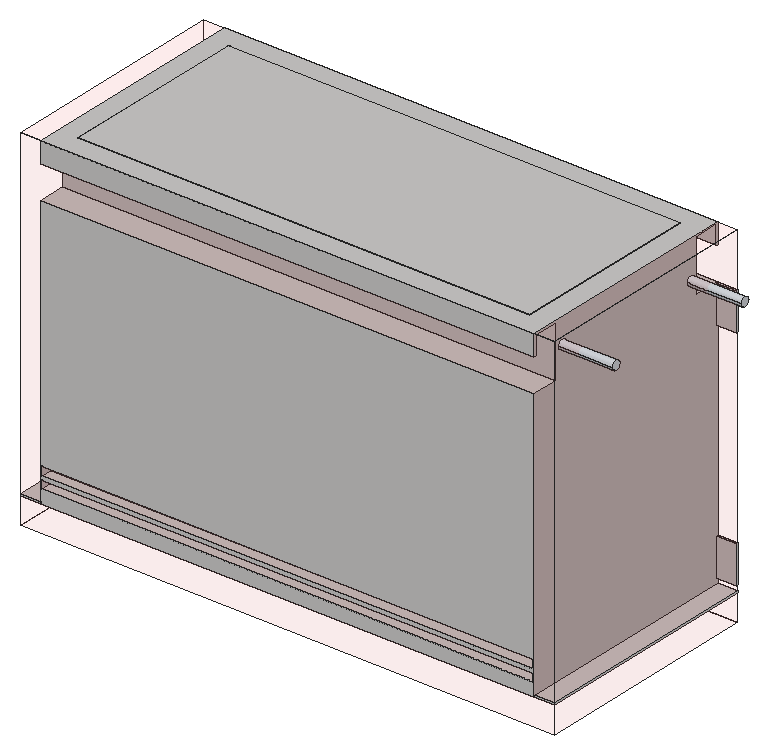
Revit family "Air-Curtain_Climate-Control_PoweredAire_ECE-HW", category Mechanical Equipment, host Face, Revit 2018
Family settings
  Host = Face
  Round Connector Dimension = Use Diameter
  Part Type = Normal
  OmniClass Number = 23.75.35.17.21
  OmniClass Title = Air Curtains
  Cut with Voids When Loaded = No
  Shared = No
  Room Calculation Point = No
Parameters
  upperrotation [instance] = if(Upper Pipe Connection Side A, 0.00°, 180.00°)  # 0.00°
  lowerrotation [instance] = if(Lower Pipe Connection Side A, 0.00°, 180.00°)  # 0.00°
  locateupperpipe [instance] = if(Upper Pipe Connection Side A, 0' 0", Nozzle Width)  # 0' - 0"
  locatelowerpipe [instance] = if(Lower Pipe Connection Side A, 0' 0", Nozzle Width)  # 0' - 0"
  Warranty Duration (Years) = 0
  Upper Pipe Connection Side A [instance] = yes
  Unit Width Notes = "Other Widths available."  # constant formula
  Unit Width = 3' - 3"
  Unit Weight = 0
  Unit Height = 1' - 4 3/4"
  Unit Depth [instance] = if(Include Filters, 2' 1 7/8", 1' 11 3/4")  # 1' - 11 3/4"
  URL = "http://www.poweredaire.com/"
  Test Data = ""
  Temperature Rise_Range = "as Specified"
  Standards Conformance = "as Specified"
  Specification = "http://www.arcat.com/sdspecs/htm04/23_34_33pai.htm"
  SpecWizard = ""
  Sound Pressure = "as Specified"
  Sales Information = "http://www.poweredaire.com/contact_us"
  Revision = "R1_2016-08"
  Projection from Host [instance] = 0' - 2"
  Product Properties = ""
  Product Data = "http://www.arcat.com/arcatcos/cos47/arc47623.html"
  Power Rating = 0 W
  Piping_Water Flow [instance] = 0 GPM
  Piping_Operating Pressure [instance] = 0.00 psi
  Piping_Exit Temperature [instance] = 0 °F
  Piping_Entry Temperature [instance] = 0 °F
  Pipe OD [instance] = 5/8"
  Outlet Volume_Range = "as Specified"
  Outlet Velocity_Range = "as Specified"
  Nozzle Width = if(1 = 1, Unit Width - 0' 3", 0' 0")  # 3' - 0"
  Mounting Width = if(1 = 1, Unit Width - 0' 1 1/2", 0' 0")  # 3' - 1 1/2"
  Mounting Height [instance] = 3' - 6"
  Motor RPM = 0
  Motor HP = 0
  Motor Count = 0
  Model = "As Specified"
  Max Height = 0' - 0"
  Manufacturer Website = "http://www.poweredaire.com/"
  Manufacturer Phone - Toll Free = "888-321-2473"
  Manufacturer Phone = "724-588-3305"
  Manufacturer Fax = "724-588-3371"
  Manufacturer Address = "109 Mortensen Rd.  Greenville, PA 16125"
  Manufacturer = "Powered Aire, Inc"
  Maintenance Schedule (Months) = 0
  Lower Pipe Connection Side A [instance] = yes
  Keynote = "23 34 33"
  Installation-Fabrication = ""
  Installation Phase = ""
  Include Filters [instance] = no
  Include Clearance [instance] = yes
  Heating Element Load = 0 W
  HVAC_Temperature Rise [instance] = 0 °F
  HVAC_Outlet Volume [instance] = 0 CFM
  HVAC_Outlet Velocity Uniformity = 0
  HVAC_Outlet Velocity [instance] = 0 FPM
  HVAC_BTU Input = 0.0 Btu/h
  Green Building-LEED = "http://www.arcat.com/green/clients/leed_data_47623.html"
  Front Grating Material [instance] = Metal - Steel - PoweredAire - Stainless 304 Perforated
  Frame Finish [instance] = Metal - Steel - PoweredAire - Stainless 304
  Expected Lifespan (Years) = 0
  Electrical_Wattage [instance] = Power Rating + Heating Element Load  # 0 W
  Electrical_Voltage [instance] = 0 V
  Electrical_Phase [instance] = 1
  Electrical_Frequency [instance] = 0 Hz
  Electrical_Amperage [instance] = 0 A
  Drawn By = "Sumex Design, Inc. / Robert S. Weygant, CSI, CDT, SCIP"
  Description = "Powered Aire Air Curtain as Specified"
  Default Elevation = 0' - 0"  # constant formula
  Copyright = "©Arcat Inc."
  Construction Details = "http://www.arcat.com/details/powair/prod3336.html"
  Clearance_Top [instance] = 0' - 0"
  Clearance_Side B [instance] = 0' - 0"
  Clearance_Side A [instance] = 0' - 0"
  Clearance_Intake [instance] = 0' - 0"
  Clearance_Bottom [instance] = 0' - 0"
  Clearance Material [instance] = ARCAT Clearance
  Building Codes = ""
  Available Options [instance] = "as Specified"
  Assembly Code = "D3090400"
Reference planes (in)
  plane 1 "Center (Elevation)": y = 0.13818
  plane 2: z = 0
  plane 3 "Center (Left/Right)": x = 0
  plane 4: y = 8.51318
  plane 5: y = -8.23682
  plane 6: x = -19.5
  plane 7: x = 19.5
  plane 8: z = 25.75
  plane 9 "FF": y = -41.86182
  plane 10: z = 2
  plane 11: x = 18
  plane 12: x = -18
  plane 13: y = 8.51318
  plane 14: y = -8.23682
  plane 15: x = -19.5
  plane 16: x = 19.5
  plane 17: z = 25.75
  plane 18: x = 17.9375
  plane 19: x = -17.9375
  plane 20: x = 18
  plane 21: x = 18
  plane 22: y = 6.01318
  plane 23: y = -5.73682
Forms (in)
  Extrusion 1, solid, material "Metal - Steel - PoweredAire - Stainless 304" <- "Frame Finish"
    sketch origin (0, 0, 0) x (0, 1, 0) y (0, 0, 1)
      loop
        line (-8.23682, 2) -> (8.51318, 2) -> (8.51318, 21.8125) -> (6.51318, 21.8125) -> (6.51318, 25.625) -> (8.38818, 25.625) -> (8.38818, 24.25) -> (8.51318, 24.25) -> (8.51318, 25.75) -> (-8.23682, 25.75) -> (-8.23682, 24.25) -> (-8.11182, 24.25) -> (-8.11182, 25.625) -> (-6.23682, 25.625) -> (-6.23682, 21.8125) -> (-8.23682, 21.8125) -> (-8.23682, 2)
    from -18 to 18
  Extrusion 2, solid, material "ARCAT Clearance" <- "Clearance Material", visible <- "Include Clearance"
    sketch origin (0, 0, 0) x (0, 1, 0) y (0, 0, 1)
      loop
        line (-8.23682, 25.75) -> (-8.23682, 0) -> (8.51318, 0) -> (8.51318, 25.75) -> (-8.23682, 25.75)
    from -19.5 to 19.5
  Extrusion 3, solid, material "Metal - Steel - PoweredAire - Stainless 304" <- "Frame Finish"
    sketch origin (-15.17702, -180, 2) x (-1, 0, 0) y (0, -1, 0)
      loop
        line (-33.17702, -188.51318) -> (-33.17702, -171.76318) -> (-34.67702, -171.76318) -> (-34.67702, -188.51318) -> (-33.17702, -188.51318)
      loop
        line (2.82298, -188.51318) -> (4.32298, -188.51318) -> (4.32298, -171.76318) -> (2.82298, -171.76318) -> (2.82298, -188.51318)
    from 0 to 0.125
  Extrusion 4, solid, material "Metal - Steel - PoweredAire - Stainless 304" <- "Frame Finish"
    sketch origin (-11.83813, 8.51318, 48) x (-1, 0, 0) y (0, 0, 1)
      loop
        line (-29.83813, -45.5) -> (-29.83813, -42.75) -> (-31.33813, -42.75) -> (-31.33813, -45.5) -> (-29.83813, -45.5)
      loop
        line (-29.83813, -28.9375) -> (-29.83813, -26.1875) -> (-31.33813, -26.1875) -> (-31.33813, -28.9375) -> (-29.83813, -28.9375)
      loop
        line (6.16187, -45.5) -> (7.66187, -45.5) -> (7.66187, -42.75) -> (6.16187, -42.75) -> (6.16187, -45.5)
      loop
        line (6.16187, -28.9375) -> (7.66187, -28.9375) -> (7.66187, -26.1875) -> (6.16187, -26.1875) -> (6.16187, -28.9375)
    from 0 to -0.125
  Extrusion 5, void
    sketch origin (0, 0, 0) x (0, 1, 0) y (0, 0, 1)
      loop
        line (-8.23682, 3) -> (-7.23682, 3) -> (-7.23682, 4.5) -> (-8.23682, 4.5) -> (-8.23682, 3.82425) -> (-7.38364, 3.82425) -> (-7.38364, 3.57425) -> (-8.23682, 3.57425) -> (-8.23682, 3)
    from -17.9375 to 17.9375
  Extrusion 6, solid, material "Metal - Steel - PoweredAire - Stainless 304 Perforated" <- "Front Grating Material"
    sketch origin (0, -8.23682, 25.75) x (0, 1, 0) y (-1, 0, 0)
      loop
        line (15.25, 16.5) -> (1.5, 16.5) -> (1.5, -16.5) -> (15.25, -16.5) -> (15.25, 16.5)
    from 0 to 0.03125
  Sweep 7, solid
    path origin (18, 6.01318, 0) x (1, 0, 0) y (0, 1, 0)
      loop
        line (0, 0) -> (4, 0)
    profile origin (20, 6.01318, 0) x (0, 1, 0) y (0, 0, 1)
      loop
        circle (0, 23) r 0.3125
  Sweep 8, solid
    path origin (18, -5.73682, 0) x (1, 0, 0) y (0, 1, 0)
      loop
        line (0, 0) -> (4, 0)
    profile origin (20, -5.73682, 0) x (0, 1, 0) y (0, 0, 1)
      loop
        circle (0, 24) r 0.3125
Cuts and joins
  Extrusion 5 cuts Extrusion 1
Lines and regions (in)
  reference lines
    curve 1: line (18, 6.01318, 0) -> (22.75, 6.01318, 0)
    curve 2: line (18, -5.73682, 0) -> (23.75, -5.73682, 0)
Dimensions and locks (in)
  equal spacing: plane 4, plane 1 "Center (Elevation)", plane 5
  "Unit Height": plane 4 to plane 5
  equal spacing: plane 6, plane 3 "Center (Left/Right)", plane 7
  "Unit Width": plane 6 to plane 7
  "Mounting Height": plane 1 "Center (Elevation)" to plane 9 "FF"
  "Projection from Host": plane 10 to level
  "Unit Depth": plane 8 to plane 10
  locked: plane 6 to plane 12 at 1.5
  locked: plane 11 to plane 7 at 1.5
  "Clearance_Side A": plane 7 to plane 16
  "Clearance_Side B": plane 15 to plane 6
  "Clearance_Top": plane 13 to plane 4
  "Clearance_Bottom": plane 5 to plane 14
  "Clearance_Intake": plane 17 to plane 8
  plane 5 to Extrusion 1 sketch curve to Extrusion 1 sketch curve = 0' - 0 1/8" locked, 0' - 1 7/8" locked
  Extrusion 1 sketch curve to Extrusion 1 sketch curve to plane 4 = 0' - 1 7/8" locked, 0' - 0 1/8" locked
  Extrusion 4 sketch curve to Extrusion 4 sketch curve to Extrusion 4 sketch curve to Extrusion 4 sketch curve to plane 10 = 0' - 2 3/4" locked, 1' - 1 13/16" locked, 0' - 2 3/4" locked, 0' - 0 1/2" locked
  Extrusion 4 sketch curve to Extrusion 4 sketch curve to Extrusion 4 sketch curve to Extrusion 4 sketch curve = 0' - 2 3/4" locked, 1' - 1 13/16" locked, 0' - 2 3/4" locked
  locked: Extrusion 4 sketch curve to plane 10 at 0.5
  plane 8 to Extrusion 1 sketch curve to Extrusion 1 sketch curve = 0' - 0 1/8" locked, 0' - 1 3/8" locked  (x2)
  locked: Extrusion 1 sketch curve to plane 10 at 19.8125  (x2)
  Extrusion 5 sketch curve to Extrusion 5 sketch curve to Extrusion 5 sketch curve to Extrusion 5 sketch curve to plane 10 = 0' - 0.67575" locked, 0' - 0 1/4" locked, 0' - 0.57425" locked, 0' - 1" locked
  plane 5 to Extrusion 5 sketch curve to Extrusion 5 sketch curve = 0' - 0.85319" locked, 0' - 0.14681" locked
  locked: plane 19 to plane 12 at 0.0625
  locked: plane 11 to plane 18 at 0.0625
  locked: plane 4 to Extrusion 6 sketch curve at 1.5
  locked: Extrusion 6 sketch curve to plane 5 at 1.5
  locked: Extrusion 6 sketch curve to plane 11 at 1.5
  locked: plane 12 to Extrusion 6 sketch curve at 1.5
  "locateupperpipe": plane 20 to plane 11
  "locatelowerpipe": plane 21 to plane 11
  locked: plane 4 to plane 22 at 2.5
  locked: plane 23 to plane 5 at 2.5
  locked: curve 1 to Sweep 7 sketch curve at 4
  locked: curve 1 to Sweep 7 sketch curve
  locked: Sweep 7 sketch curve to plane 10 at 21
  locked: curve 2 to Sweep 8 sketch curve at 4
  locked: curve 2 to Sweep 8 sketch curve
  locked: Sweep 8 sketch curve to plane 10 at 22
  "upperrotation": angle plane 22 to curve 1
  "lowerrotation": angle plane 23 to curve 2
  aligned and locked: plane 2 to host face
  aligned and locked: level to host face
  aligned and locked: Extrusion 2 sketch curve to plane 17
  aligned and locked: plane 14 to Extrusion 2 sketch curve
  aligned and locked: level to Extrusion 2 sketch curve
  aligned and locked: Extrusion 2 sketch curve to plane 13
  aligned and locked: plane 16 to Extrusion 2
  aligned and locked: Extrusion 2 to plane 15
  aligned and locked: plane 11 to Extrusion 1
  aligned and locked: Extrusion 1 to plane 12
  aligned and locked: plane 21 to curve 2
  aligned and locked: plane 23 to curve 2
  aligned and locked: plane 22 to curve 1
  aligned and locked: plane 20 to curve 1
Automatic sketch dimensions
  host sketch curve to host sketch curve = 8' - 0"  (x2)
  Extrusion 1 sketch curve to plane 5 = 0' - 0"  (x2)
  Extrusion 1 sketch curve to plane 4 = 0' - 0"  (x2)
  Extrusion 1 sketch curve to plane 10 = 0' - 0"
  Extrusion 1 sketch curve to plane 8 = 0' - 0"
  plane 4 to Extrusion 3 sketch curve = 0' - 0"
  Extrusion 3 sketch curve to plane 7 = 0' - 0"
  plane 5 to Extrusion 3 sketch curve = 0' - 0"
  Extrusion 3 sketch curve to plane 11 = 0' - 0"
  Extrusion 3 sketch curve to plane 4 = 0' - 0"
  Extrusion 3 sketch curve to plane 12 = 0' - 0"
  Extrusion 3 sketch curve to plane 6 = 0' - 0"
  Extrusion 3 sketch curve to plane 5 = 0' - 0"
  Extrusion 4 sketch curve to plane 7 = 0' - 0"  (x2)
  Extrusion 4 sketch curve to plane 11 = 0' - 0"  (x2)
  Extrusion 4 sketch curve to plane 12 = 0' - 0"  (x2)
  Extrusion 4 sketch curve to plane 6 = 0' - 0"  (x2)
  Extrusion 5 sketch curve to plane 5 = 0' - 0"  (x2)
  Sweep 7 sketch curve to profile plane = 0' - 0"
  Sweep 8 sketch curve to profile plane = 0' - 0"
  radius of Sweep 7 sketch curve = 0' - 0 5/16"
  radius of Sweep 8 sketch curve = 0' - 0 5/16"
Connectors (in)
  piping at (22, 6.01318, 23), diameter 0.625, driven by "Pipe OD", driven by "Piping_Water Flow"
    settings: on Sweep 7, index 1, connector inside diameter 24", connector length 0' - 0", flow factor 0, pipe flow 0 GPM, pressure drop 0.00 psi, fitting loss kfactor 0, connector angle 0.00°, fixture units 0, engagement length 0' - 0", angle of deflection 0.00°, flow configuration 0, flow direction 0, fitting loss method 0, system type 29, joint type 0, gender type 0, connector reference index -1, connector utility 0, adjustable connector no, is connector primary yes, connector description "Define Supply or Return and Location"
  piping at (22, -5.73682, 24), diameter 0.625, driven by "Pipe OD", driven by "Piping_Water Flow"
    settings: on Sweep 8, index 2, connector inside diameter 24", connector length 0' - 0", flow factor 0, pipe flow 0 GPM, pressure drop 0.00 psi, fitting loss kfactor 0, connector angle 0.00°, fixture units 0, engagement length 0' - 0", angle of deflection 0.00°, flow configuration 0, flow direction 0, fitting loss method 0, system type 29, joint type 0, gender type 0, connector reference index -1, connector utility 0, adjustable connector no, is connector primary no, connector description "Define Supply or Return and Location"
  electrical at (-18, 0.13818, 21.39062), driven by "Electrical_Voltage", driven by "Electrical_Phase"
    settings: on cut or joined group of Extrusion 1, Extrusion 5, index 3, voltage 0 V, apparent load 0 VA, apparent load phase1 0 VA, apparent load phase2 0 VA, apparent load phase3 0 VA, power factor 1, load classification "Motor", number of poles 1, system type 31, power factor state 1, is connector primary yes, connector utility no, sub classification motor no, connector description ""
